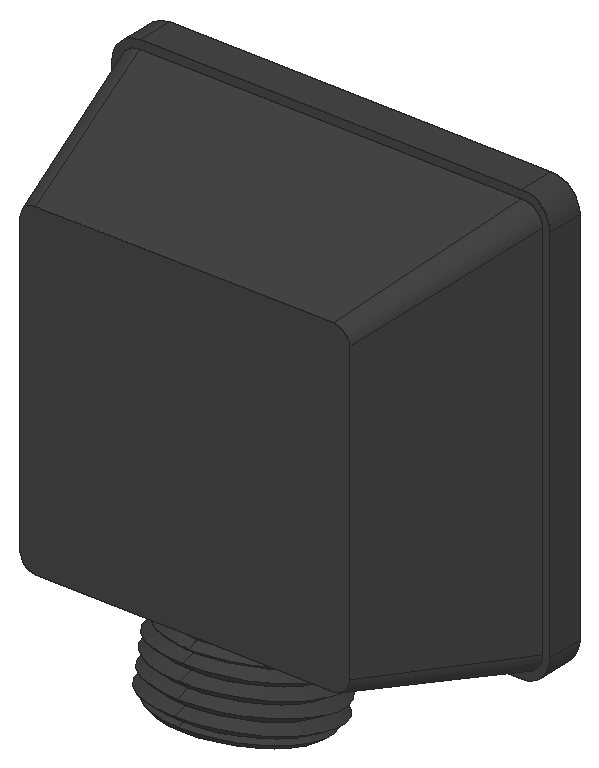
Revit family "Delta Bath Ara 50570", category Plumbing Fixtures, host Wall, Revit 2013
Parameters
  URL = "http://www.deltafaucet.com "
  Wall Elbow = Stainless Steel
  Model = "50570"
  Manufacturer = "Delta"
  Depth = 0' - 1.30315"
Reference planes (in)
  plane 1: y = 0
  plane 2 "Center (Left/Right)": x = 0
  plane 3 "Wall Edge": y = 3
  plane 4: y = -3
Forms (in)
  Revolve 1, solid, material "Stainless Steel" <- "Wall Elbow", not visible
    sketch origin (0, 0, 1.75) x (0, 1, 0) y (0, 0, 1)
      loop
        line (-3.88854, 69.33135) -> (-3.97268, 68.96692) -> (-3.62743, 68.88722) -> (-3.59702, 68.90205) -> (-3.61981, 68.92484) -> (-3.54914, 68.94246) -> (-3.60128, 68.99114) -> (-3.53306, 69.01204) -> (-3.5852, 69.06071) -> (-3.51702, 69.0816) -> (-3.56917, 69.13028) -> (-3.50096, 69.15118) -> (-3.55331, 69.20007) -> (-3.51786, 69.21093) -> (-3.5433, 69.25165) -> (-3.88854, 69.33135)
      axis (-3.97268, 68.96692) -> (-3.88854, 69.33135)
    angle from 0 to 360
  SweptBlend 2, solid, material "Stainless Steel" <- "Wall Elbow", not visible
    path origin (0, 0, 9.54552) x (0, 1, 0) y (0, 0, 1)
      loop
        line (-4.30315, 70.26944) -> (-3.41732, 70.26944)
    profile origin (0, -4.30315, 79.81495) x (0, 0, 1) y (1, 0, 0)
      loop
        line (-7.07236, 0.79988) -> (-8.51868, 0.79988)
        arc (-8.51868, 0.79988) -> (-8.57293, 0.77741) -> (-8.5954, 0.72316) r 0.07672
        line (-8.5954, 0.72316) -> (-8.5954, -0.72316)
        arc (-8.5954, -0.72316) -> (-8.57293, -0.77741) -> (-8.51868, -0.79988) r 0.07672
        line (-8.51868, -0.79988) -> (-7.07236, -0.79988)
        arc (-7.07236, -0.79988) -> (-7.01811, -0.77741) -> (-6.99563, -0.72316) r 0.07672
        line (-6.99563, -0.72316) -> (-6.99563, 0.72316)
        arc (-6.99563, 0.72316) -> (-7.01811, 0.77741) -> (-7.07236, 0.79988) r 0.07672
    end profile origin (0, -3.41732, 79.81495) x (0, 0, 1) y (1, 0, 0)
      loop
        arc (-8.81914, -0.9252) -> (-8.79031, -0.99479) -> (-8.72071, -1.02362) r 0.09843
        line (-8.72071, -1.02362) -> (-6.87032, -1.02362)
        arc (-6.87032, -1.02362) -> (-6.80072, -0.99479) -> (-6.77189, -0.9252) r 0.09843
        line (-6.77189, -0.9252) -> (-6.7719, 0.9252)
        arc (-6.7719, 0.9252) -> (-6.80072, 0.99479) -> (-6.87032, 1.02362) r 0.09843
        line (-6.87032, 1.02362) -> (-8.72071, 1.02362)
        arc (-8.72071, 1.02362) -> (-8.79031, 0.99479) -> (-8.81914, 0.9252) r 0.09843
        line (-8.81914, 0.9252) -> (-8.81914, -0.9252)
  Extrusion 3, solid, material "Stainless Steel" <- "Wall Elbow", not visible
    sketch origin (0, 3, 1.75) x (1, 0, 0) y (0, 0, 1)
      loop
        line (1.06299, 69.34424) -> (1.06299, 71.19463)
        arc (1.06299, 71.19463) -> (1.02263, 71.29207) -> (0.9252, 71.33243) r 0.1378
        line (0.9252, 71.33243) -> (-0.9252, 71.33243)
        arc (-0.9252, 71.33243) -> (-1.02263, 71.29207) -> (-1.06299, 71.19463) r 0.1378
        line (-1.06299, 71.19463) -> (-1.06299, 69.34424)
        arc (-1.06299, 69.34424) -> (-1.02263, 69.2468) -> (-0.9252, 69.20644) r 0.1378
        line (-0.9252, 69.20644) -> (0.9252, 69.20644)
        arc (0.9252, 69.20644) -> (1.02263, 69.2468) -> (1.06299, 69.34424) r 0.1378
    from 6.24016 to 6.41732
  Revolve 4, solid, material "Stainless Steel" <- "Wall Elbow", not visible
    sketch origin (0, 0, 1.75) x (0, 1, 0) y (0, 0, 1)
      loop
        line (-3.24016, 70.75197) -> (-3.24016, 70.26944) -> (-3, 70.26944) -> (-3, 70.74778) -> (-3.24016, 70.75197)
      axis (-3, 70.26944) -> (-3.24016, 70.26944)
    angle from 0 to 360
  Revolve 5, void, not visible
    sketch origin (0, 0, 1.75) x (0, 1, 0) y (0, 0, 1)
      loop
        line (-3, 70.71653) -> (-3.24016, 70.72072) -> (-3.24016, 70.26944) -> (-3, 70.26944) -> (-3, 70.71653)
      axis (-3, 70.26944) -> (-3.24016, 70.26944)
    angle from 0 to 360
  Extrusion 6, void, not visible
    sketch origin (0, 3, 1.75) x (1, 0, 0) y (0, 0, 1)
      loop
        circle (0, 70.26944) r 0.54483
    from 6.24016 to 6.41732
  Revolve 7, solid, material "Stainless Steel" <- "Wall Elbow"
    sketch origin (0, 0, -48.25) x (0, 1, 0) y (0, 0, 1)
      loop
        line (-3.88854, 69.33135) -> (-3.97268, 68.96692) -> (-3.62743, 68.88722) -> (-3.59702, 68.90205) -> (-3.61981, 68.92484) -> (-3.54914, 68.94246) -> (-3.60128, 68.99114) -> (-3.53306, 69.01204) -> (-3.5852, 69.06071) -> (-3.51702, 69.0816) -> (-3.56917, 69.13028) -> (-3.50096, 69.15118) -> (-3.55331, 69.20007) -> (-3.51786, 69.21093) -> (-3.5433, 69.25165) -> (-3.88854, 69.33135)
      axis (-3.97268, 68.96692) -> (-3.88854, 69.33135)
    angle from 0 to 360
  SweptBlend 8, solid, material "Stainless Steel" <- "Wall Elbow"
    path origin (0, 0, -40.45448) x (0, 1, 0) y (0, 0, 1)
      loop
        line (-4.30315, 70.26944) -> (-3.41732, 70.26944)
    profile origin (0, -4.30315, 29.81495) x (0, 0, 1) y (1, 0, 0)
      loop
        line (-7.07236, 0.79988) -> (-8.51868, 0.79988)
        arc (-8.51868, 0.79988) -> (-8.57293, 0.77741) -> (-8.5954, 0.72316) r 0.07672
        line (-8.5954, 0.72316) -> (-8.5954, -0.72316)
        arc (-8.5954, -0.72316) -> (-8.57293, -0.77741) -> (-8.51868, -0.79988) r 0.07672
        line (-8.51868, -0.79988) -> (-7.07236, -0.79988)
        arc (-7.07236, -0.79988) -> (-7.01811, -0.77741) -> (-6.99563, -0.72316) r 0.07672
        line (-6.99563, -0.72316) -> (-6.99563, 0.72316)
        arc (-6.99563, 0.72316) -> (-7.01811, 0.77741) -> (-7.07236, 0.79988) r 0.07672
    end profile origin (0, -3.41732, 29.81495) x (0, 0, 1) y (1, 0, 0)
      loop
        arc (-8.81914, -0.9252) -> (-8.79031, -0.99479) -> (-8.72071, -1.02362) r 0.09843
        line (-8.72071, -1.02362) -> (-6.87032, -1.02362)
        arc (-6.87032, -1.02362) -> (-6.80072, -0.99479) -> (-6.77189, -0.9252) r 0.09843
        line (-6.77189, -0.9252) -> (-6.7719, 0.9252)
        arc (-6.7719, 0.9252) -> (-6.80072, 0.99479) -> (-6.87032, 1.02362) r 0.09843
        line (-6.87032, 1.02362) -> (-8.72071, 1.02362)
        arc (-8.72071, 1.02362) -> (-8.79031, 0.99479) -> (-8.81914, 0.9252) r 0.09843
        line (-8.81914, 0.9252) -> (-8.81914, -0.9252)
  Extrusion 9, solid, material "Stainless Steel" <- "Wall Elbow"
    sketch origin (0, 3, -48.25) x (1, 0, 0) y (0, 0, 1)
      loop
        line (1.06299, 69.34424) -> (1.06299, 71.19463)
        arc (1.06299, 71.19463) -> (1.02263, 71.29207) -> (0.9252, 71.33243) r 0.1378
        line (0.9252, 71.33243) -> (-0.9252, 71.33243)
        arc (-0.9252, 71.33243) -> (-1.02263, 71.29207) -> (-1.06299, 71.19463) r 0.1378
        line (-1.06299, 71.19463) -> (-1.06299, 69.34424)
        arc (-1.06299, 69.34424) -> (-1.02263, 69.2468) -> (-0.9252, 69.20644) r 0.1378
        line (-0.9252, 69.20644) -> (0.9252, 69.20644)
        arc (0.9252, 69.20644) -> (1.02263, 69.2468) -> (1.06299, 69.34424) r 0.1378
    from 6.24016 to 6.41732
  Revolve 10, solid, material "Stainless Steel" <- "Wall Elbow"
    sketch origin (0, 0, -48.25) x (0, 1, 0) y (0, 0, 1)
      loop
        line (-3.24016, 70.75197) -> (-3.24016, 70.26944) -> (-3, 70.26944) -> (-3, 70.74778) -> (-3.24016, 70.75197)
      axis (-3, 70.26944) -> (-3.24016, 70.26944)
    angle from 0 to 360
  Revolve 11, solid, material "Stainless Steel" <- "Wall Elbow", not visible
    sketch origin (0, 0, 25.75) x (0, 1, 0) y (0, 0, 1)
      loop
        line (-3.88854, 69.33135) -> (-3.97268, 68.96692) -> (-3.62743, 68.88722) -> (-3.59702, 68.90205) -> (-3.61981, 68.92484) -> (-3.54914, 68.94246) -> (-3.60128, 68.99114) -> (-3.53306, 69.01204) -> (-3.5852, 69.06071) -> (-3.51702, 69.0816) -> (-3.56917, 69.13028) -> (-3.50096, 69.15118) -> (-3.55331, 69.20007) -> (-3.51786, 69.21093) -> (-3.5433, 69.25165) -> (-3.88854, 69.33135)
      axis (-3.97268, 68.96692) -> (-3.88854, 69.33135)
    angle from 0 to 360
  SweptBlend 12, solid, material "Stainless Steel" <- "Wall Elbow", not visible
    path origin (0, 0, 33.54552) x (0, 1, 0) y (0, 0, 1)
      loop
        line (-4.30315, 70.26944) -> (-3.41732, 70.26944)
    profile origin (0, -4.30315, 103.81495) x (0, 0, 1) y (1, 0, 0)
      loop
        line (-7.07236, 0.79988) -> (-8.51868, 0.79988)
        arc (-8.51868, 0.79988) -> (-8.57293, 0.77741) -> (-8.5954, 0.72316) r 0.07672
        line (-8.5954, 0.72316) -> (-8.5954, -0.72316)
        arc (-8.5954, -0.72316) -> (-8.57293, -0.77741) -> (-8.51868, -0.79988) r 0.07672
        line (-8.51868, -0.79988) -> (-7.07236, -0.79988)
        arc (-7.07236, -0.79988) -> (-7.01811, -0.77741) -> (-6.99563, -0.72316) r 0.07672
        line (-6.99563, -0.72316) -> (-6.99563, 0.72316)
        arc (-6.99563, 0.72316) -> (-7.01811, 0.77741) -> (-7.07236, 0.79988) r 0.07672
    end profile origin (0, -3.41732, 103.81495) x (0, 0, 1) y (1, 0, 0)
      loop
        arc (-8.81914, -0.9252) -> (-8.79031, -0.99479) -> (-8.72071, -1.02362) r 0.09843
        line (-8.72071, -1.02362) -> (-6.87032, -1.02362)
        arc (-6.87032, -1.02362) -> (-6.80072, -0.99479) -> (-6.77189, -0.9252) r 0.09843
        line (-6.77189, -0.9252) -> (-6.7719, 0.9252)
        arc (-6.7719, 0.9252) -> (-6.80072, 0.99479) -> (-6.87032, 1.02362) r 0.09843
        line (-6.87032, 1.02362) -> (-8.72071, 1.02362)
        arc (-8.72071, 1.02362) -> (-8.79031, 0.99479) -> (-8.81914, 0.9252) r 0.09843
        line (-8.81914, 0.9252) -> (-8.81914, -0.9252)
  Extrusion 13, solid, material "Stainless Steel" <- "Wall Elbow", not visible
    sketch origin (0, 3, 25.75) x (1, 0, 0) y (0, 0, 1)
      loop
        line (1.06299, 69.34424) -> (1.06299, 71.19463)
        arc (1.06299, 71.19463) -> (1.02263, 71.29207) -> (0.9252, 71.33243) r 0.1378
        line (0.9252, 71.33243) -> (-0.9252, 71.33243)
        arc (-0.9252, 71.33243) -> (-1.02263, 71.29207) -> (-1.06299, 71.19463) r 0.1378
        line (-1.06299, 71.19463) -> (-1.06299, 69.34424)
        arc (-1.06299, 69.34424) -> (-1.02263, 69.2468) -> (-0.9252, 69.20644) r 0.1378
        line (-0.9252, 69.20644) -> (0.9252, 69.20644)
        arc (0.9252, 69.20644) -> (1.02263, 69.2468) -> (1.06299, 69.34424) r 0.1378
    from 6.24016 to 6.41732
  Revolve 14, solid, material "Stainless Steel" <- "Wall Elbow", not visible
    sketch origin (0, 0, 25.75) x (0, 1, 0) y (0, 0, 1)
      loop
        line (-3.24016, 70.75197) -> (-3.24016, 70.26944) -> (-3, 70.26944) -> (-3, 70.74778) -> (-3.24016, 70.75197)
      axis (-3, 70.26944) -> (-3.24016, 70.26944)
    angle from 0 to 360
Text (in)
  text "Placement Side" at (0, 40.15149, 123.01588), in view "Right"
  text "Placement Side" at (-70.3804, 28.46503, 0), in view "Ref. Level"
  text "Placement Side" at (0, 81.62555, 140.59947), in view "Left"
Dimensions and locks (in)
  locked: plane 3 "Wall Edge" to host wall
  aligned and locked: plane 4 to host wall
  aligned and locked: Revolve 10 to plane 4
  aligned and locked: Revolve 10 to Extrusion 9
Connectors (in)
  piping at (0, -3.24016, 22.01944)
    settings: on Extrusion 9, index 1, connector radius 12", flow factor 0, pipe flow 0 GPM, pressure drop 0.00 psi, fitting loss kfactor 0, connector angle 0.00°, fixture units 0, engagement length 0' - 0", flow configuration 0, flow direction 0, fitting loss method 0, system type 7, joint type 0, gender type 0, connector reference index -1, connector utility 0, adjustable connector no, is connector primary yes, fitting loss table "", connector description ""
